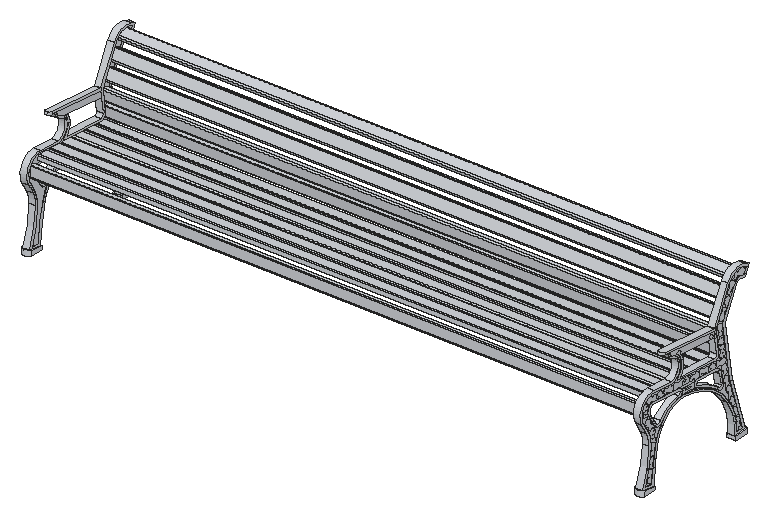
Revit family "Скамейка алюминиевая «Ретро стиль» с подогревом", category Мебель, Revit 2017
Family settings
  Номер OmniClass = 23.40.20.00
  Заголовок OmniClass = General Furniture and Specialties
  На основе рабочей плоскости = Нет
  Всегда вертикально = Да
  При загрузке вырезать с полостями = Нет
  Общий = Нет
  Точка расчета площади = Нет
Parameters (values of type "Скамейка алюминиевая «Ретро стиль» с подогревом 3,0м")
  Стоимость = 89850
  Изготовитель = "ООО \"Хоббика\""
  URL = "https://hobbyka.ru/product/skameyka_alyuminievaya_retro_stil_s_podogrevom/?sphrase_id=64316#close_popup_window"
  ADSK_Размер_Ширина сидения = 480 mm
  ADSK_Размер_Ширина = 650 mm
  ADSK_Размер_Длина = 3000 mm
  ADSK_Размер_Высота спинки = 350 mm
  ADSK_Размер_Высота сидения = 380 mm
  ADSK_Размер_Высота = 740 mm
  ADSK_Наименование = "Скамейка алюминиевая «Ретро стиль» с подогревом 3,0м"
  ADSK_Материал опоры = none
  ADSK_Материал доски = none
  ADSK_Код изделия = "9301"
Reference planes
  plane 1 "По центру (Вперед/Назад)": y = 0
  plane 2: z = 0
  plane 3 "По центру (Влево/Вправо)": x = 0
  plane 4: x = 1500
  plane 5: x = -1500
  plane 6: x = -1473
  plane 7: x = 1473
Forms (mm)
  Extrusion 1, solid, material <- "ADSK_Материал доски"
    sketch origin (0, 0, 0) x (0, 1, 0) y (0, 0, 1)
      loop
        line (-631.259, 334.534) -> (-627.485, 329.713) -> (-608.62, 329.713) -> (-608.62, 387.567) -> (-627.485, 387.567) -> (-631.259, 382.746) -> (-631.259, 334.534)
      loop
        line (-584.592, 388.935) -> (-526.753, 387.622) -> (-526.325, 406.483) -> (-531.059, 410.365) -> (-579.258, 411.459) -> (-584.164, 407.796) -> (-584.592, 388.935)
      loop
        line (-515.303, 387.102) -> (-457.529, 384.074) -> (-456.542, 402.914) -> (-461.159, 406.934) -> (-509.304, 409.457) -> (-514.316, 405.942) -> (-515.303, 387.102)
      loop
        line (-445.399, 383.438) -> (-387.625, 380.41) -> (-386.637, 399.25) -> (-391.255, 403.271) -> (-439.4, 405.794) -> (-444.412, 402.278) -> (-445.399, 383.438)
      loop
        line (-374.508, 398.615) -> (-375.495, 379.775) -> (-317.721, 376.747) -> (-316.733, 395.587) -> (-321.35, 399.607) -> (-369.496, 402.13) -> (-374.508, 398.615)
      loop
        line (-304.604, 394.951) -> (-305.591, 376.111) -> (-247.817, 373.083) -> (-246.829, 391.923) -> (-251.446, 395.943) -> (-299.592, 398.467) -> (-304.604, 394.951)
      loop
        line (-235.687, 372.447) -> (-177.913, 369.42) -> (-176.925, 388.26) -> (-181.542, 392.28) -> (-229.688, 394.803) -> (-234.7, 391.287) -> (-235.687, 372.447)
      loop
        line (-172.781, 393.951) -> (-154.057, 396.263) -> (-161.147, 453.681) -> (-179.871, 451.369) -> (-183.025, 446.122) -> (-177.116, 398.274) -> (-172.781, 393.951)
      loop
        line (-163.636, 471.736) -> (-170.726, 529.153) -> (-189.45, 526.841) -> (-192.604, 521.594) -> (-186.695, 473.746) -> (-182.359, 469.423) -> (-163.636, 471.736)
      loop
        line (-161.798, 547.072) -> (-137.201, 599.437) -> (-154.277, 607.458) -> (-159.742, 604.698) -> (-180.239, 561.061) -> (-178.873, 555.093) -> (-161.798, 547.072)
      loop
        line (-127.785, 619.482) -> (-103.189, 671.847) -> (-120.264, 679.868) -> (-125.729, 677.108) -> (-146.227, 633.471) -> (-144.861, 627.503) -> (-127.785, 619.482)
      loop
        line (-94.157, 693.118) -> (-39.927, 713.27) -> (-46.498, 730.954) -> (-52.331, 732.812) -> (-97.524, 716.019) -> (-100.729, 710.802) -> (-94.157, 693.118)
    from -1473 to 1473
Dimensions and locks
  equal spacing: plane 5, plane 3 "По центру (Влево/Вправо)", plane 4
  "ADSK_Размер_Длина": plane 5 to plane 4
  locked: plane 5 to plane 6 at 27
  locked: plane 7 to plane 4 at 27
  aligned and locked: level to plane 2
  aligned and locked: plane 5 to nested 1
  aligned and locked: plane 4 to nested 2
  aligned and locked: Extrusion 1 to plane 7
  aligned and locked: Extrusion 1 to plane 6
Automatic sketch dimensions
  plane 1 "По центру (Вперед/Назад)" to Extrusion 1 sketch curve = 631.259 mm
  level to Extrusion 1 sketch curve = 382.746 mm
  Extrusion 1 sketch curve to Extrusion 1 sketch curve = 3.773 mm  (x2)
  Extrusion 1 sketch curve to Extrusion 1 sketch curve = 48.212 mm
  Extrusion 1 sketch curve to Extrusion 1 sketch curve = 4.821 mm  (x2)
  Extrusion 1 sketch curve to Extrusion 1 sketch curve = 18.866 mm
  Extrusion 1 sketch curve to Extrusion 1 sketch curve = 24.456 mm
  Extrusion 1 sketch curve to Extrusion 1 sketch curve = 20.229 mm
  Extrusion 1 sketch curve to Extrusion 1 sketch curve = 0.428 mm
  Extrusion 1 sketch curve to Extrusion 1 sketch curve = 4.906 mm
  Extrusion 1 sketch curve to Extrusion 1 sketch curve = 18.861 mm
  Extrusion 1 sketch curve to Extrusion 1 sketch curve = 3.663 mm
  Extrusion 1 sketch curve to Extrusion 1 sketch curve = 48.199 mm
  Extrusion 1 sketch curve to Extrusion 1 sketch curve = 1.094 mm
  Extrusion 1 sketch curve to Extrusion 1 sketch curve = 4.306 mm
  Extrusion 1 sketch curve to Extrusion 1 sketch curve = 22.743 mm
  Extrusion 1 sketch curve to Extrusion 1 sketch curve = 4.734 mm
  Extrusion 1 sketch curve to Extrusion 1 sketch curve = 3.882 mm
  Extrusion 1 sketch curve to Extrusion 1 sketch curve = 12.009 mm
  Extrusion 1 sketch curve to Extrusion 1 sketch curve = 0.542 mm
  Extrusion 1 sketch curve to Extrusion 1 sketch curve = 11.449 mm
  Extrusion 1 sketch curve to Extrusion 1 sketch curve = 5.012 mm  (x5)
  Extrusion 1 sketch curve to Extrusion 1 sketch curve = 0.521 mm
  Extrusion 1 sketch curve to Extrusion 1 sketch curve = 3.516 mm  (x5)
  Extrusion 1 sketch curve to Extrusion 1 sketch curve = 48.145 mm  (x4)
  Extrusion 1 sketch curve to Extrusion 1 sketch curve = 2.523 mm  (x4)
  Extrusion 1 sketch curve to Extrusion 1 sketch curve = 3.63 mm  (x4)
  Extrusion 1 sketch curve to Extrusion 1 sketch curve = 22.86 mm  (x4)
  Extrusion 1 sketch curve to Extrusion 1 sketch curve = 4.617 mm  (x5)
  Extrusion 1 sketch curve to Extrusion 1 sketch curve = 4.02 mm  (x5)
  Extrusion 1 sketch curve to Extrusion 1 sketch curve = 12.13 mm  (x7)
  Extrusion 1 sketch curve to Extrusion 1 sketch curve = 0.636 mm  (x7)
  Extrusion 1 sketch curve to Extrusion 1 sketch curve = 17.142 mm
  Extrusion 1 sketch curve to Extrusion 1 sketch curve = 2.88 mm
  Extrusion 1 sketch curve to Extrusion 1 sketch curve = 51.775 mm
  Extrusion 1 sketch curve to Extrusion 1 sketch curve = 25.383 mm
  Extrusion 1 sketch curve to Extrusion 1 sketch curve = 0.987 mm
  Extrusion 1 sketch curve to Extrusion 1 sketch curve = 18.84 mm
  Extrusion 1 sketch curve to Extrusion 1 sketch curve = 4.426 mm
  Extrusion 1 sketch curve to Extrusion 1 sketch curve = 5.994 mm
  Extrusion 1 sketch curve to Extrusion 1 sketch curve = 5.909 mm  (x2)
  Extrusion 1 sketch curve to Extrusion 1 sketch curve = 4.336 mm  (x2)
  Extrusion 1 sketch curve to Extrusion 1 sketch curve = 4.322 mm  (x2)
  Extrusion 1 sketch curve to Extrusion 1 sketch curve = 47.848 mm  (x2)
  Extrusion 1 sketch curve to Extrusion 1 sketch curve = 18.724 mm
  Extrusion 1 sketch curve to Extrusion 1 sketch curve = 2.312 mm
  Extrusion 1 sketch curve to Extrusion 1 sketch curve = 21.877 mm  (x2)
  Extrusion 1 sketch curve to Extrusion 1 sketch curve = 7.559 mm  (x2)
  Extrusion 1 sketch curve to Extrusion 1 sketch curve = 3.154 mm  (x2)
  Extrusion 1 sketch curve to Extrusion 1 sketch curve = 5.247 mm  (x2)
  Extrusion 1 sketch curve to Extrusion 1 sketch curve = 2.489 mm  (x2)
  Extrusion 1 sketch curve to Extrusion 1 sketch curve = 18.055 mm  (x2)
  Extrusion 1 sketch curve to Extrusion 1 sketch curve = 8.147 mm
  Extrusion 1 sketch curve to Extrusion 1 sketch curve = 25.94 mm
  Extrusion 1 sketch curve to Extrusion 1 sketch curve = 1.365 mm  (x2)
  Extrusion 1 sketch curve to Extrusion 1 sketch curve = 17.076 mm  (x2)
  Extrusion 1 sketch curve to Extrusion 1 sketch curve = 8.021 mm  (x2)
  Extrusion 1 sketch curve to Extrusion 1 sketch curve = 5.968 mm  (x2)
  Extrusion 1 sketch curve to Extrusion 1 sketch curve = 20.497 mm  (x2)
  Extrusion 1 sketch curve to Extrusion 1 sketch curve = 43.637 mm  (x2)
  Extrusion 1 sketch curve to Extrusion 1 sketch curve = 22.541 mm  (x2)
  Extrusion 1 sketch curve to Extrusion 1 sketch curve = 5.261 mm  (x2)
  Extrusion 1 sketch curve to Extrusion 1 sketch curve = 5.465 mm  (x2)
  Extrusion 1 sketch curve to Extrusion 1 sketch curve = 2.76 mm  (x2)
  Extrusion 1 sketch curve to Extrusion 1 sketch curve = 9.416 mm
  Extrusion 1 sketch curve to Extrusion 1 sketch curve = 20.045 mm
  Extrusion 1 sketch curve to Extrusion 1 sketch curve = 19.536 mm
  Extrusion 1 sketch curve to Extrusion 1 sketch curve = 30.935 mm
  Extrusion 1 sketch curve to Extrusion 1 sketch curve = 3.205 mm
  Extrusion 1 sketch curve to Extrusion 1 sketch curve = 6.571 mm
  Extrusion 1 sketch curve to Extrusion 1 sketch curve = 17.684 mm
  Extrusion 1 sketch curve to Extrusion 1 sketch curve = 5.216 mm
  Extrusion 1 sketch curve to Extrusion 1 sketch curve = 45.192 mm
  Extrusion 1 sketch curve to Extrusion 1 sketch curve = 16.793 mm
  Extrusion 1 sketch curve to Extrusion 1 sketch curve = 12.405 mm
  Extrusion 1 sketch curve to Extrusion 1 sketch curve = 19.542 mm
  Extrusion 1 sketch curve to Extrusion 1 sketch curve = 5.833 mm
  Extrusion 1 sketch curve to Extrusion 1 sketch curve = 1.858 mm
Nested families
  nested 1: "Опора" at (-1500, -222.675, 0), Материал <- "ADSK_Материал опоры", type "Опора"
    with Материал none
  nested 2: "Опора" at (1500, -222.675, 0) x (-1, 0, 0) z (0, 0, 1), Материал <- "ADSK_Материал опоры", type "Опора"
    with Материал none
Definition of nested family "Опора"
  Parameters (values of type "Опора")
    Материал [instance] = none
  Reference planes
    plane 1 "По центру (Вперед/Назад)": y = 0
    plane 2: z = 0
    plane 3 "По центру (Влево/Вправо)": x = 0
    plane 4 "1": through (0, -265.499, 551.299) normal (0, -0.093, -0.9957)
  Forms (mm)
    Extrusion 1, solid, material <- "Материал"
      sketch origin (0, 0, 0) x (0, 1, 0) y (0, 0, 1)
        loop
          line (-414.876, 22.967) -> (-351.312, 16)
          arc (-351.312, 16) -> (-343.288, 109.903) -> (-323.264, 201.997) r 731.874
          arc (-323.264, 201.997) -> (-264.401, 287.034) -> (-166.064, 319.062) r 161.836
          arc (-166.064, 319.062) -> (-19.437, 282.321) -> (94.621, 183.123) r 324.388
          arc (94.621, 183.123) -> (132.276, 103.627) -> (139.96, 16) r 249.161
          line (139.96, 16) -> (202.402, 22.844)
          arc (202.402, 22.844) -> (120.139, 273.004) -> (78.692, 533.061) r 1651.125
          line (78.692, 533.061) -> (148.595, 669.132)
          arc (148.595, 669.132) -> (165.139, 683.697) -> (187.172, 683.068) r 30.076
          line (187.172, 683.068) -> (199.423, 678.718) -> (222.675, 729.234) -> (205.727, 735.321)
          arc (205.727, 735.321) -> (145.281, 736.172) -> (100.077, 696.034) r 83.565
          line (100.077, 696.034) -> (18.723, 534.606) -> (19.734, 524.657) -> (-265.499, 551.299) -> (-246.717, 521.254)
          arc (-246.717, 521.254) -> (-198.582, 472.873) -> (-240.638, 419.124) r 51.551
          line (-240.638, 419.124) -> (-347.739, 425.825)
          arc (-347.739, 425.825) -> (-419.352, 388.577) -> (-419.913, 307.858) r 78.226
          line (-419.913, 307.858) -> (-391.041, 259.16)
          arc (-391.041, 259.16) -> (-380.145, 230.378) -> (-376.679, 199.798) r 123.904
          arc (-376.679, 199.798) -> (-386.745, 109.431) -> (-414.876, 22.967) r 447.331
        loop
          line (22.79, 490.5) -> (-182.719, 509.695)
          arc (-182.719, 509.695) -> (-172.394, 461.498) -> (-191.466, 416.047) r 82.287
          line (-191.466, 416.047) -> (20.43, 402.788)
          arc (20.43, 402.788) -> (30.669, 407.642) -> (32.001, 418.894) r 11.707
          line (32.001, 418.894) -> (22.79, 490.5)
        loop
          line (-198.361, 361.199) -> (-348.695, 370.605)
          arc (-348.695, 370.605) -> (-371.008, 359) -> (-371.183, 333.85) r 24.374
          line (-371.183, 333.85) -> (-338.031, 277.931)
          arc (-338.031, 277.931) -> (-322.548, 269.111) -> (-307.065, 277.931) r 18
          arc (-307.065, 277.931) -> (-256.623, 316.916) -> (-196.816, 338.99) r 210.248
          arc (-196.816, 338.99) -> (-187.86, 350.771) -> (-198.361, 361.199) r 11.229
        loop
          line (27.876, 347.043) -> (-83.685, 354.023)
          arc (-83.685, 354.023) -> (-94.381, 343.215) -> (-85.116, 331.158) r 11.561
          arc (-85.116, 331.158) -> (-13.922, 304.459) -> (49.884, 263.103) r 352.242
          arc (49.884, 263.103) -> (58.282, 263.697) -> (61.123, 271.621) r 7.705
          arc (61.123, 271.621) -> (54.737, 299.235) -> (48.705, 326.929) r 2211.03
          arc (48.705, 326.929) -> (41.444, 340.252) -> (27.876, 347.043) r 25.352
      from 0 to 32
    Extrusion 2, void
      sketch origin (0, 0, 0) x (0, 1, 0) y (0, 0, 1)
        loop
          line (194.923, 688.075) -> (211.351, 723.765)
          arc (211.351, 723.765) -> (152.618, 730.203) -> (107.206, 692.405) r 75.565
          line (107.206, 692.405) -> (25.691, 530.655) -> (39.82, 420.814)
          arc (39.82, 420.814) -> (36.816, 402.502) -> (19.931, 394.804) r 19.707
          line (19.931, 394.804) -> (-203.744, 408.8) -> (-205.324, 413.316)
          arc (-205.324, 413.316) -> (-180.655, 459.589) -> (-192.694, 510.627) r 74.287
          line (-192.694, 510.627) -> (23.211, 490.461) -> (19.734, 524.657) -> (-255.479, 550.363) -> (-242.01, 528.817)
          arc (-242.01, 528.817) -> (-190.498, 470.732) -> (-240.187, 411.08) r 59.551
          line (-240.187, 411.08) -> (-348.238, 417.841)
          arc (-348.238, 417.841) -> (-412.528, 384.402) -> (-413.032, 311.938) r 70.226
          line (-413.032, 311.938) -> (-384.062, 263.075)
          arc (-384.062, 263.075) -> (-372.394, 232.36) -> (-368.68, 199.715) r 131.904
          arc (-368.68, 199.715) -> (-377.808, 113.067) -> (-403.274, 29.744) r 455.331
          line (-403.274, 29.744) -> (-359.077, 24.899)
          arc (-359.077, 24.899) -> (-350.534, 115.417) -> (-330.954, 204.203) r 739.874
          arc (-330.954, 204.203) -> (-269.182, 293.448) -> (-165.981, 327.062) r 169.836
          arc (-165.981, 327.062) -> (-15.738, 289.414) -> (101.133, 187.77) r 332.388
          arc (101.133, 187.77) -> (138.677, 110.41) -> (148.619, 24.997) r 257.161
          line (148.619, 24.997) -> (190.913, 29.633)
          arc (190.913, 29.633) -> (110.847, 277.429) -> (70.541, 534.701) r 1659.125
          line (70.541, 534.701) -> (141.478, 672.785)
          arc (141.478, 672.785) -> (164.885, 692.017) -> (194.923, 688.075) r 38.076
        loop
          arc (56.542, 328.535) -> (46.83, 346.171) -> (28.738, 355.004) r 33.352
          line (28.738, 355.004) -> (-83.656, 362.037)
          arc (-83.656, 362.037) -> (-102.334, 344.14) -> (-86.924, 323.363) r 19.561
          arc (-86.924, 323.363) -> (-17.184, 297.145) -> (45.28, 256.535) r 344.242
          arc (45.28, 256.535) -> (62.779, 257.074) -> (68.906, 273.474) r 15.705
          arc (68.906, 273.474) -> (62.548, 300.965) -> (56.542, 328.535) r 2203.03
        loop
          arc (-348.196, 378.59) -> (-377.832, 363.175) -> (-378.065, 329.77) r 32.374
          line (-378.065, 329.77) -> (-344.912, 273.851)
          arc (-344.912, 273.851) -> (-323.046, 261.116) -> (-300.708, 273.004) r 26
          arc (-300.708, 273.004) -> (-252.391, 310.114) -> (-195.216, 331.152) r 202.248
          arc (-195.216, 331.152) -> (-179.879, 351.326) -> (-197.861, 369.183) r 19.229
          line (-197.861, 369.183) -> (-348.196, 378.59)
        loop
          arc (-110.524, 355.781) -> (-140.038, 356.222) -> (-169.454, 358.66) r 435.625
          line (-169.454, 358.66) -> (-173.995, 358.882) -> (-174.127, 354.635)
          arc (-174.127, 354.635) -> (-169.331, 347.983) -> (-174.53, 341.641) r 6.725
          line (-174.53, 341.641) -> (-174.686, 336.624) -> (-169.454, 336.282)
          arc (-169.454, 336.282) -> (-140.904, 336.42) -> (-112.616, 332.566) r 203.772
          line (-112.616, 332.566) -> (-105.839, 332.123) -> (-105.622, 337.234)
          arc (-105.622, 337.234) -> (-110.321, 344.44) -> (-105.028, 351.222) r 7.4
          line (-105.028, 351.222) -> (-104.846, 355.504) -> (-110.524, 355.781)
        loop
          arc (-114.986, 349.722) -> (-139.562, 350.193) -> (-164.067, 352.119) r 415.053
          arc (-164.067, 352.119) -> (-163.397, 347.295) -> (-164.654, 342.589) r 12.284
          arc (-164.654, 342.589) -> (-139.954, 342.359) -> (-115.435, 339.372) r 220.861
          arc (-115.435, 339.372) -> (-116.243, 344.592) -> (-114.986, 349.722) r 13.499
      from -30.599 to 5
    Extrusion 3, void
      sketch origin (32, 0, 0) x (0, 1, 0) y (0, 0, -1)
        loop
          arc (194.923, -688.075) -> (164.885, -692.017) -> (141.478, -672.785) r 38.076
          line (141.478, -672.785) -> (70.541, -534.701)
          arc (70.541, -534.701) -> (110.847, -277.429) -> (190.913, -29.633) r 1659.125
          line (190.913, -29.633) -> (148.619, -24.997)
          arc (148.619, -24.997) -> (138.677, -110.41) -> (101.133, -187.77) r 257.161
          arc (101.133, -187.77) -> (-15.738, -289.414) -> (-165.981, -327.062) r 332.388
          arc (-165.981, -327.062) -> (-269.182, -293.448) -> (-330.954, -204.203) r 169.836
          arc (-330.954, -204.203) -> (-350.534, -115.417) -> (-359.077, -24.899) r 739.874
          line (-359.077, -24.899) -> (-403.274, -29.744)
          arc (-403.274, -29.744) -> (-377.808, -113.067) -> (-368.68, -199.715) r 455.331
          arc (-368.68, -199.715) -> (-372.394, -232.36) -> (-384.062, -263.075) r 131.904
          line (-384.062, -263.075) -> (-413.032, -311.938)
          arc (-413.032, -311.938) -> (-412.528, -384.402) -> (-348.238, -417.841) r 70.226
          line (-348.238, -417.841) -> (-240.187, -411.08)
          arc (-240.187, -411.08) -> (-190.498, -470.732) -> (-242.01, -528.817) r 59.551
          line (-242.01, -528.817) -> (-255.479, -550.363) -> (19.734, -524.657) -> (23.211, -490.461) -> (-192.694, -510.627)
          arc (-192.694, -510.627) -> (-180.655, -459.589) -> (-205.324, -413.316) r 74.287
          line (-205.324, -413.316) -> (-203.744, -408.8) -> (19.931, -394.804)
          arc (19.931, -394.804) -> (36.816, -402.502) -> (39.82, -420.814) r 19.707
          line (39.82, -420.814) -> (25.691, -530.655) -> (107.206, -692.405)
          arc (107.206, -692.405) -> (152.618, -730.203) -> (211.351, -723.765) r 75.565
          line (211.351, -723.765) -> (194.923, -688.075)
        loop
          arc (56.542, -328.535) -> (62.548, -300.965) -> (68.906, -273.474) r 2203.03
          arc (68.906, -273.474) -> (62.779, -257.074) -> (45.28, -256.535) r 15.705
          arc (45.28, -256.535) -> (-17.184, -297.145) -> (-86.924, -323.363) r 344.242
          arc (-86.924, -323.363) -> (-102.334, -344.14) -> (-83.656, -362.037) r 19.561
          line (-83.656, -362.037) -> (28.738, -355.004)
          arc (28.738, -355.004) -> (46.83, -346.171) -> (56.542, -328.535) r 33.352
        loop
          line (-348.196, -378.59) -> (-197.861, -369.183)
          arc (-197.861, -369.183) -> (-179.879, -351.326) -> (-195.216, -331.152) r 19.229
          arc (-195.216, -331.152) -> (-252.391, -310.114) -> (-300.708, -273.004) r 202.248
          arc (-300.708, -273.004) -> (-323.046, -261.116) -> (-344.912, -273.851) r 26
          line (-344.912, -273.851) -> (-378.065, -329.77)
          arc (-378.065, -329.77) -> (-377.832, -363.175) -> (-348.196, -378.59) r 32.374
        loop
          line (-110.524, -355.781) -> (-104.846, -355.504) -> (-105.028, -351.222)
          arc (-105.028, -351.222) -> (-110.321, -344.44) -> (-105.622, -337.234) r 7.4
          line (-105.622, -337.234) -> (-105.839, -332.123) -> (-112.616, -332.566)
          arc (-112.616, -332.566) -> (-140.904, -336.42) -> (-169.454, -336.282) r 203.772
          line (-169.454, -336.282) -> (-174.686, -336.624) -> (-174.53, -341.641)
          arc (-174.53, -341.641) -> (-169.331, -347.983) -> (-174.127, -354.635) r 6.725
          line (-174.127, -354.635) -> (-173.995, -358.882) -> (-169.454, -358.66)
          arc (-169.454, -358.66) -> (-140.038, -356.222) -> (-110.524, -355.781) r 435.625
        loop
          arc (-114.986, -349.722) -> (-116.243, -344.592) -> (-115.435, -339.372) r 13.499
          arc (-115.435, -339.372) -> (-139.954, -342.359) -> (-164.654, -342.589) r 220.861
          arc (-164.654, -342.589) -> (-163.397, -347.295) -> (-164.067, -352.119) r 12.284
          arc (-164.067, -352.119) -> (-139.562, -350.193) -> (-114.986, -349.722) r 415.053
      from -30.599 to 5
    Extrusion 4, solid, material <- "Материал"
      sketch origin (0, 48.752, 521.947) x (0, -0.995666, 0.092999) y (-1, 0, 0)
        loop
          line (31.076, -32) -> (329.844, -32)
          arc (329.844, -32) -> (345.844, -16) -> (329.844, 0) r 16
          line (329.844, 0) -> (31.076, 0) -> (31.076, -32)
      from 0 to -9.812
    Extrusion 5, solid, material <- "Материал"
      sketch origin (0, 0, 0) x (1, 0, 0) y (0, 1, 0)
        loop
          arc (40, 202.402) -> (16, 214.402) -> (-8, 202.402) r 30
          line (-8, 202.402) -> (-8, 139.96) -> (40, 139.96) -> (40, 202.402)
        loop
          line (40, -413.754) -> (40, -351.312) -> (-8, -351.312) -> (-8, -413.754)
          arc (-8, -413.754) -> (16, -425.754) -> (40, -413.754) r 30
      from 0 to 70.557
    Extrusion 6, void
      sketch origin (0, 0, 0) x (0, 1, 0) y (0, 0, 1)
        loop
          line (-443.576, 26.113) -> (-351.312, 16) -> (139.96, 16) -> (251.424, 28.218) -> (251.424, 91.113) -> (-443.576, 91.113) -> (-443.576, 26.113)
      from -53.662 to 79.531
    Extrusion 7, solid, material <- "Материал"
      sketch origin (0, 0, 0) x (0, 1, 0) y (0, 0, 1)
        loop
          spline (194.682, 697.503) -> (196.421, 699.184) -> (197.903, 701.075) -> (199.1, 703.142) -> (199.989, 705.346) -> (200.555, 707.645) -> (200.786, 709.997) -> (200.678, 712.358) -> (200.234, 714.684) -> (199.461, 716.931) -> (198.374, 719.058) -> (196.993, 721.025) -> (195.344, 722.794)
          spline (195.344, 722.794) -> (193.958, 723.964) -> (192.451, 724.99) -> (190.841, 725.861) -> (189.145, 726.569) -> (187.381, 727.105) -> (185.569, 727.463) -> (183.728, 727.64) -> (181.878, 727.634) -> (180.04, 727.444) -> (178.232, 727.074) -> (176.476, 726.526) -> (174.789, 725.807)
          spline (174.789, 725.807) -> (173.119, 724.966) -> (171.473, 724.084) -> (169.852, 723.161) -> (168.257, 722.199) -> (166.69, 721.196) -> (165.15, 720.155) -> (163.639, 719.076) -> (162.159, 717.959) -> (160.71, 716.806) -> (159.294, 715.617) -> (157.91, 714.393) -> (156.561, 713.135)
          spline (156.561, 713.135) -> (156.723, 714.218) -> (156.751, 715.312) -> (156.646, 716.402) -> (156.409, 717.474) -> (156.043, 718.512) -> (155.553, 719.503) -> (154.946, 720.434) -> (154.229, 721.291) -> (153.414, 722.064) -> (152.51, 722.742) -> (151.53, 723.316) -> (150.486, 723.777)
          spline (150.486, 723.777) -> (149.1, 724.261) -> (147.637, 724.441) -> (146.169, 724.308) -> (144.769, 723.868) -> (143.507, 723.143) -> (142.446, 722.169) -> (141.638, 720.995) -> (141.124, 719.68) -> (140.929, 718.287) -> (141.064, 716.888) -> (141.52, 715.551) -> (142.276, 714.342)
          spline (142.276, 714.342) -> (143.141, 714.116) -> (144.031, 714.019) -> (144.926, 714.054) -> (145.805, 714.22) -> (146.646, 714.513) -> (147.429, 714.925) -> (148.136, 715.448) -> (148.75, 716.069) -> (149.256, 716.772) -> (149.642, 717.541) -> (149.899, 718.358) -> (150.021, 719.203)
          spline (150.021, 719.203) -> (150.871, 718.503) -> (151.617, 717.702) -> (152.244, 716.813) -> (152.741, 715.853) -> (153.1, 714.839) -> (153.314, 713.788) -> (153.379, 712.72) -> (153.294, 711.654) -> (153.061, 710.609) -> (152.683, 709.603) -> (152.168, 708.653) -> (151.525, 707.778)
          spline (151.525, 707.778) -> (151.225, 709.19) -> (150.552, 710.481) -> (149.551, 711.563) -> (148.291, 712.362) -> (146.858, 712.823) -> (145.349, 712.916) -> (143.868, 712.634) -> (142.514, 711.996) -> (141.381, 711.046) -> (140.545, 709.848) -> (140.064, 708.484) -> (139.971, 707.047)
          spline (139.971, 707.047) -> (140.353, 707.241) -> (140.775, 707.339) -> (141.209, 707.333) -> (141.628, 707.225) -> (142.005, 707.021) -> (142.318, 706.734) -> (142.547, 706.382) -> (142.677, 705.988) -> (142.699, 705.575) -> (142.614, 705.17) -> (142.425, 704.798) -> (142.145, 704.483)
          spline (142.145, 704.483) -> (140.928, 703.564) -> (139.671, 702.693) -> (138.378, 701.872) -> (137.05, 701.104) -> (135.689, 700.388) -> (134.298, 699.727) -> (132.88, 699.122) -> (131.436, 698.573) -> (129.97, 698.081) -> (128.483, 697.648) -> (126.979, 697.274) -> (125.459, 696.96)
          line (125.459, 696.96) -> (125.214, 695.909)
          spline (125.214, 695.909) -> (128.378, 695.412) -> (131.574, 695.161) -> (134.78, 695.16) -> (137.974, 695.408) -> (141.136, 695.903) -> (144.245, 696.642) -> (147.279, 697.62) -> (150.218, 698.831) -> (153.044, 700.267) -> (155.736, 701.918) -> (158.278, 703.773) -> (160.652, 705.819)
          spline (160.652, 705.819) -> (161.071, 705.991) -> (161.524, 706.046) -> (161.975, 705.981) -> (162.391, 705.8) -> (162.739, 705.518) -> (162.992, 705.155) -> (163.131, 704.741) -> (163.146, 704.306) -> (163.034, 703.884) -> (162.805, 703.509) -> (162.477, 703.207) -> (162.074, 703.004)
          spline (162.074, 703.004) -> (163.214, 702.213) -> (164.548, 701.776) -> (165.957, 701.732) -> (167.315, 702.085) -> (168.504, 702.803) -> (169.417, 703.823) -> (169.974, 705.054) -> (170.125, 706.388) -> (169.858, 707.706) -> (169.195, 708.892) -> (168.195, 709.841) -> (166.948, 710.468)
          spline (166.948, 710.468) -> (166.144, 710.854) -> (165.471, 711.423) -> (164.974, 712.137) -> (164.686, 712.949) -> (164.627, 713.803) -> (164.801, 714.642) -> (165.195, 715.411) -> (165.784, 716.056) -> (166.527, 716.535) -> (167.376, 716.815) -> (168.272, 716.878) -> (169.156, 716.719)
          spline (169.156, 716.719) -> (169.689, 716.503) -> (170.176, 716.202) -> (170.601, 715.826) -> (170.952, 715.386) -> (171.218, 714.896) -> (171.392, 714.369) -> (171.468, 713.822) -> (171.444, 713.27) -> (171.32, 712.732) -> (171.101, 712.221) -> (170.793, 711.755) -> (170.405, 711.346)
          line (170.405, 711.346) -> (171.35, 710.712)
          spline (171.35, 710.712) -> (172.512, 710.893) -> (173.62, 711.27) -> (174.638, 711.83) -> (175.535, 712.555) -> (176.28, 713.421) -> (176.849, 714.401) -> (177.225, 715.463) -> (177.395, 716.572) -> (177.354, 717.693) -> (177.102, 718.789) -> (176.648, 719.825) -> (176.007, 720.767)
          spline (176.007, 720.767) -> (175.803, 721.078) -> (175.672, 721.423) -> (175.621, 721.786) -> (175.652, 722.151) -> (175.763, 722.502) -> (175.949, 722.822) -> (176.202, 723.097) -> (176.511, 723.315) -> (176.861, 723.466) -> (177.237, 723.542) -> (177.622, 723.542) -> (177.998, 723.463)
          spline (177.998, 723.463) -> (178.557, 723.264) -> (179.099, 723.026) -> (179.622, 722.751) -> (180.122, 722.441) -> (180.597, 722.096) -> (181.045, 721.72) -> (181.462, 721.313) -> (181.847, 720.878) -> (182.198, 720.418) -> (182.512, 719.934) -> (182.788, 719.43) -> (183.025, 718.908)
          spline (183.025, 718.908) -> (183.513, 717.946) -> (184.153, 717.068) -> (184.929, 716.297) -> (185.823, 715.65) -> (186.811, 715.145) -> (187.87, 714.793) -> (188.974, 714.603) -> (190.094, 714.58) -> (191.204, 714.725) -> (192.276, 715.034) -> (193.284, 715.499) -> (194.202, 716.109)
          spline (194.202, 716.109) -> (195.316, 714.781) -> (196.114, 713.262) -> (196.563, 711.619) -> (196.641, 709.923) -> (196.346, 708.25) -> (195.691, 706.674) -> (194.704, 705.263) -> (193.429, 704.081) -> (191.923, 703.179) -> (190.251, 702.597) -> (188.487, 702.36) -> (186.709, 702.48)
          spline (186.709, 702.48) -> (185.742, 702.82) -> (184.961, 703.462) -> (184.465, 704.324) -> (184.316, 705.295) -> (184.534, 706.254) -> (185.092, 707.078) -> (185.918, 707.663) -> (186.907, 707.935) -> (187.934, 707.859) -> (188.87, 707.445) -> (189.594, 706.745) -> (190.016, 705.849)
          spline (190.016, 705.849) -> (190.199, 707.215) -> (190.107, 708.59) -> (189.744, 709.924) -> (189.124, 711.17) -> (188.268, 712.283) -> (187.208, 713.223) -> (185.981, 713.955) -> (184.632, 714.454) -> (183.208, 714.702) -> (181.762, 714.69) -> (180.345, 714.417) -> (179.008, 713.895)
          spline (179.008, 713.895) -> (177.813, 713.192) -> (176.732, 712.338) -> (175.785, 711.351) -> (174.99, 710.247) -> (174.363, 709.05) -> (173.916, 707.782) -> (173.657, 706.466) -> (173.59, 705.128) -> (173.718, 703.794) -> (174.038, 702.489) -> (174.544, 701.238) -> (175.226, 700.065)
          spline (175.226, 700.065) -> (176.345, 698.652) -> (177.663, 697.406) -> (179.155, 696.352) -> (180.789, 695.511) -> (182.532, 694.9) -> (184.348, 694.533) -> (186.2, 694.417) -> (188.049, 694.554) -> (189.859, 694.942) -> (191.59, 695.572) -> (193.209, 696.431) -> (194.682, 697.503)
        loop
          arc (139.226, 683.475) -> (131.489, 693.342) -> (118.994, 694.414) r 15.725
          arc (118.994, 694.414) -> (111.392, 688.786) -> (108.522, 679.774) r 15.376
          arc (108.522, 679.774) -> (109.335, 669.996) -> (111.667, 660.465) r 62.537
          arc (111.667, 660.465) -> (106.113, 662.312) -> (100.671, 660.159) r 8.563
          arc (100.671, 660.159) -> (98.832, 653.284) -> (105.107, 649.925) r 5.728
          arc (105.107, 649.925) -> (106.648, 654.148) -> (104.195, 657.914) r 5.025
          arc (104.195, 657.914) -> (109.869, 658.225) -> (114.039, 654.366) r 7.282
          arc (114.039, 654.366) -> (107.463, 651.712) -> (110.117, 645.137) r 5.014
          arc (110.117, 645.137) -> (111.288, 646.822) -> (113.043, 645.759) r 1.499
          arc (113.043, 645.759) -> (113.831, 637.736) -> (112.619, 629.765) r 32.5
          line (112.619, 629.765) -> (113.375, 629.143)
          arc (113.375, 629.143) -> (120.217, 644.149) -> (119.192, 660.61) r 34
          arc (119.192, 660.61) -> (120.645, 662.144) -> (122.029, 660.548) r 1.425
          arc (122.029, 660.548) -> (124.234, 666.559) -> (117.886, 667.391) r 4.1
          arc (117.886, 667.391) -> (113.665, 667.453) -> (113.684, 671.674) r 3
          arc (113.684, 671.674) -> (116.462, 672.433) -> (118.525, 670.424) r 2.901
          line (118.525, 670.424) -> (119.408, 670.893)
          arc (119.408, 670.893) -> (118.568, 676.663) -> (113.081, 678.637) r 5.667
          arc (113.081, 678.637) -> (111.394, 679.44) -> (111.675, 681.287) r 1.567
          arc (111.675, 681.287) -> (114.278, 682.922) -> (117.329, 683.293) r 7.045
          arc (117.329, 683.293) -> (122.557, 685.34) -> (123.965, 690.775) r 6.173
          arc (123.965, 690.775) -> (132.19, 688.035) -> (132.079, 679.366) r 7.347
          arc (132.079, 679.366) -> (127.722, 680.012) -> (130.642, 683.311) r 2.505
          arc (130.642, 683.311) -> (123.57, 684.181) -> (119.821, 678.122) r 6.606
          arc (119.821, 678.122) -> (122.785, 671.667) -> (129.548, 669.498) r 8.808
          arc (129.548, 669.498) -> (137.594, 674.266) -> (139.226, 683.475) r 11.211
        loop
          line (107.122, 616.027) -> (113.092, 627.069) -> (111.757, 628.358)
          arc (111.757, 628.358) -> (110.335, 632.653) -> (111.757, 636.948) r 7.195
          arc (111.757, 636.948) -> (110.649, 640.523) -> (106.937, 640.04) r 2.906
          arc (106.937, 640.04) -> (103.259, 632.058) -> (106.406, 623.851) r 11.314
          line (106.406, 623.851) -> (103.449, 625.748)
          arc (103.449, 625.748) -> (102.371, 631.12) -> (99.255, 635.627) r 13.557
          arc (99.255, 635.627) -> (95.882, 635.877) -> (94.712, 639.051) r 3.125
          arc (94.712, 639.051) -> (92.137, 637.29) -> (91.154, 634.329) r 4.884
          arc (91.154, 634.329) -> (92.22, 632.589) -> (92.851, 630.65) r 8.695
          arc (92.851, 630.65) -> (93.723, 631.044) -> (94.612, 631.397) r 20.344
          arc (94.612, 631.397) -> (96.322, 628.768) -> (96.156, 625.636) r 5.065
          line (96.156, 625.636) -> (92.634, 627.54)
          arc (92.634, 627.54) -> (90.781, 631.498) -> (87.457, 634.334) r 10.327
          line (87.457, 634.334) -> (86.227, 634.169)
          arc (86.227, 634.169) -> (87.552, 632.424) -> (87.051, 630.291) r 2.571
          line (87.051, 630.291) -> (83.997, 632.624) -> (83.901, 630.819) -> (82.641, 632.22) -> (76.768, 632.439) -> (80.167, 627.645) -> (82.029, 627.358) -> (80.571, 626.289) -> (84.196, 625.01)
          arc (84.196, 625.01) -> (82.686, 623.423) -> (80.5, 623.577) r 2.571
          line (80.5, 623.577) -> (81.035, 622.457)
          arc (81.035, 622.457) -> (85.229, 621.229) -> (89.555, 621.845) r 10.327
          line (89.555, 621.845) -> (93.077, 619.941)
          arc (93.077, 619.941) -> (90.547, 618.087) -> (87.411, 618.078) r 5.065
          arc (87.411, 618.078) -> (87.219, 619.016) -> (87.072, 619.961) r 20.344
          arc (87.072, 619.961) -> (85.103, 619.427) -> (83.064, 619.367) r 8.695
          arc (83.064, 619.367) -> (81.125, 616.923) -> (81.061, 613.804) r 4.884
          arc (81.061, 613.804) -> (84.357, 614.562) -> (86.414, 611.877) r 3.125
          arc (86.414, 611.877) -> (91.891, 611.737) -> (96.976, 613.777) r 13.557
          line (96.976, 613.777) -> (100.183, 612.341)
          arc (100.183, 612.341) -> (91.593, 610.481) -> (86.927, 603.033) r 11.314
          arc (86.927, 603.033) -> (88.555, 599.662) -> (92.154, 600.692) r 2.906
          arc (92.154, 600.692) -> (94.969, 604.234) -> (99.341, 605.396) r 7.195
          line (99.341, 605.396) -> (101.151, 604.984) -> (107.122, 616.027)
        loop
          arc (68.287, 551.572) -> (75.099, 557.98) -> (74.683, 567.323) r 11.211
          arc (74.683, 567.323) -> (69.164, 571.795) -> (62.14, 570.74) r 8.808
          arc (62.14, 570.74) -> (59.123, 564.286) -> (63.723, 558.845) r 6.606
          arc (63.723, 558.845) -> (64.884, 563.094) -> (67.811, 559.802) r 2.505
          arc (67.811, 559.802) -> (60.618, 554.962) -> (53.821, 560.345) r 7.347
          arc (53.821, 560.345) -> (57.598, 564.499) -> (56.448, 569.994) r 6.173
          arc (56.448, 569.994) -> (55.088, 572.751) -> (55.031, 575.824) r 7.045
          arc (55.031, 575.824) -> (56.423, 577.071) -> (58.019, 576.098) r 1.567
          arc (58.019, 576.098) -> (62.617, 572.594) -> (67.896, 574.948) r 5.667
          line (67.896, 574.948) -> (67.798, 576.018)
          arc (67.798, 576.018) -> (65.033, 576.692) -> (64.175, 579.406) r 2.901
          arc (64.175, 579.406) -> (67.696, 581.734) -> (70.059, 578.236) r 3
          arc (70.059, 578.236) -> (74.232, 573.379) -> (78.054, 578.516) r 4.1
          arc (78.054, 578.516) -> (75.961, 578.8) -> (76.45, 580.856) r 1.425
          arc (76.45, 580.856) -> (90.784, 589.012) -> (99.594, 602.954) r 34
          line (99.594, 602.954) -> (98.66, 603.245)
          arc (98.66, 603.245) -> (92.654, 597.867) -> (85.509, 594.132) r 32.5
          arc (85.509, 594.132) -> (83.659, 595.02) -> (84.427, 596.922) r 1.499
          arc (84.427, 596.922) -> (77.472, 595.542) -> (78.852, 588.587) r 5.014
          arc (78.852, 588.587) -> (73.339, 589.963) -> (70.493, 594.881) r 7.282
          arc (70.493, 594.881) -> (74.988, 594.891) -> (77.677, 598.492) r 5.025
          arc (77.677, 598.492) -> (71.431, 601.904) -> (66.685, 596.6) r 5.728
          arc (66.685, 596.6) -> (67.864, 590.868) -> (72.45, 587.232) r 8.563
          arc (72.45, 587.232) -> (63.198, 583.965) -> (54.571, 579.29) r 62.537
          arc (54.571, 579.29) -> (48.601, 571.954) -> (48.055, 562.511) r 15.376
          arc (48.055, 562.511) -> (55.793, 552.643) -> (68.287, 551.572) r 15.725
        loop
          arc (37.329, 535.851) -> (35.52, 526.675) -> (41.298, 519.321) r 11.211
          arc (41.298, 519.321) -> (48.388, 518.897) -> (53.485, 523.844) r 8.808
          arc (53.485, 523.844) -> (52.181, 530.848) -> (45.273, 532.594) r 6.606
          arc (45.273, 532.594) -> (46.803, 528.463) -> (42.507, 529.436) r 2.505
          arc (42.507, 529.436) -> (45.538, 537.559) -> (54.198, 537.138) r 7.347
          arc (54.198, 537.138) -> (53.545, 531.562) -> (57.679, 527.764) r 6.173
          arc (57.679, 527.764) -> (60.389, 526.314) -> (62.225, 523.848) r 7.045
          arc (62.225, 523.848) -> (61.819, 522.024) -> (59.955, 521.886) r 1.567
          arc (59.955, 521.886) -> (54.126, 522.03) -> (51.256, 516.955) r 5.667
          line (51.256, 516.955) -> (51.91, 516.198)
          arc (51.91, 516.198) -> (54.56, 517.325) -> (56.876, 515.613) r 2.901
          arc (56.876, 515.613) -> (55.367, 511.67) -> (51.409, 513.139) r 3
          arc (51.409, 513.139) -> (45.189, 514.659) -> (45.072, 508.257) r 4.1
          arc (45.072, 508.257) -> (46.939, 509.245) -> (47.738, 507.289) r 1.425
          arc (47.738, 507.289) -> (40.831, 492.313) -> (41.783, 475.848) r 34
          line (41.783, 475.848) -> (42.713, 476.155)
          arc (42.713, 476.155) -> (44.465, 484.024) -> (48.101, 491.22) r 32.5
          arc (48.101, 491.22) -> (50.122, 491.575) -> (50.605, 489.581) r 1.499
          arc (50.605, 489.581) -> (55.456, 494.752) -> (50.285, 499.604) r 5.014
          arc (50.285, 499.604) -> (55.569, 501.694) -> (60.746, 499.352) r 7.282
          arc (60.746, 499.352) -> (57.097, 496.728) -> (57.007, 492.234) r 5.025
          arc (57.007, 492.234) -> (64.072, 493.096) -> (64.844, 500.171) r 5.728
          arc (64.844, 500.171) -> (60.548, 504.146) -> (54.703, 504.433) r 8.563
          arc (54.703, 504.433) -> (60.323, 512.475) -> (64.617, 521.297) r 62.537
          arc (64.617, 521.297) -> (65.2, 530.738) -> (60.148, 538.734) r 15.376
          arc (60.148, 538.734) -> (48.112, 542.253) -> (37.329, 535.851) r 15.725
        loop
          line (70.574, 467.06) -> (69, 479.514) -> (67.165, 479.785)
          arc (67.165, 479.785) -> (63.508, 482.449) -> (62.164, 486.77) r 7.195
          arc (62.164, 486.77) -> (59.182, 489.031) -> (56.445, 486.478) r 2.906
          arc (56.445, 486.478) -> (58.102, 477.846) -> (65.437, 473.005) r 11.314
          line (65.437, 473.005) -> (61.928, 472.826)
          arc (61.928, 472.826) -> (57.925, 476.567) -> (52.768, 478.418) r 13.557
          arc (52.768, 478.418) -> (49.88, 476.658) -> (47.081, 478.557) r 3.125
          arc (47.081, 478.557) -> (46.012, 475.626) -> (46.936, 472.646) r 4.884
          arc (46.936, 472.646) -> (48.816, 471.852) -> (50.458, 470.643) r 8.695
          arc (50.458, 470.643) -> (50.937, 471.471) -> (51.455, 472.276) r 20.344
          arc (51.455, 472.276) -> (54.376, 471.133) -> (56.064, 468.49) r 5.065
          line (56.064, 468.49) -> (52.092, 467.988)
          arc (52.092, 467.988) -> (48.281, 470.127) -> (43.927, 470.498) r 10.327
          line (43.927, 470.498) -> (43.023, 469.648)
          arc (43.023, 469.648) -> (45.117, 469.001) -> (45.951, 466.975) r 2.571
          line (45.951, 466.975) -> (42.109, 467.093) -> (43.082, 465.57) -> (41.243, 465.976) -> (36.34, 462.735) -> (41.894, 460.816) -> (43.575, 461.666) -> (43.012, 459.949) -> (46.703, 461.019)
          arc (46.703, 461.019) -> (46.399, 458.849) -> (44.533, 457.702) r 2.571
          line (44.533, 457.702) -> (45.619, 457.103)
          arc (45.619, 457.103) -> (49.744, 458.545) -> (52.904, 461.565) r 10.327
          line (52.904, 461.565) -> (56.875, 462.067)
          arc (56.875, 462.067) -> (55.898, 459.087) -> (53.353, 457.254) r 5.065
          arc (53.353, 457.254) -> (52.651, 457.904) -> (51.981, 458.587) r 20.344
          arc (51.981, 458.587) -> (50.691, 457.007) -> (49.068, 455.771) r 8.695
          arc (49.068, 455.771) -> (48.914, 452.655) -> (50.678, 450.082) r 4.884
          arc (50.678, 450.082) -> (52.917, 452.617) -> (56.152, 451.631) r 3.125
          arc (56.152, 451.631) -> (60.687, 454.706) -> (63.634, 459.325) r 13.557
          line (63.634, 459.325) -> (67.077, 460.024)
          arc (67.077, 460.024) -> (61.176, 453.511) -> (61.718, 444.739) r 11.314
          arc (61.718, 444.739) -> (65.004, 442.946) -> (67.33, 445.878) r 2.906
          arc (67.33, 445.878) -> (67.557, 450.397) -> (70.436, 453.887) r 7.195
          line (70.436, 453.887) -> (72.147, 454.606) -> (70.574, 467.06)
        loop
          arc (44.873, 451.389) -> (48.045, 435.204) -> (58.46, 422.416) r 34
          arc (58.46, 422.416) -> (58.173, 420.323) -> (56.118, 420.815) r 1.425
          arc (56.118, 420.815) -> (57.824, 414.644) -> (63.471, 417.663) r 4.1
          arc (63.471, 417.663) -> (66.939, 420.07) -> (69.38, 416.626) r 3
          arc (69.38, 416.626) -> (67.563, 414.392) -> (64.716, 414.824) r 2.901
          line (64.716, 414.824) -> (64.271, 413.929)
          arc (64.271, 413.929) -> (68.313, 409.726) -> (73.924, 411.316) r 5.667
          arc (73.924, 411.316) -> (75.763, 411.645) -> (76.61, 409.98) r 1.567
          arc (76.61, 409.98) -> (75.445, 407.135) -> (73.18, 405.057) r 7.045
          arc (73.18, 405.057) -> (70.121, 400.349) -> (72.14, 395.111) r 6.173
          arc (72.14, 395.111) -> (63.857, 392.55) -> (58.901, 399.664) r 7.347
          arc (58.901, 399.664) -> (62.82, 401.675) -> (62.366, 397.293) r 2.505
          arc (62.366, 397.293) -> (68.622, 400.702) -> (68.144, 407.811) r 6.606
          arc (68.144, 407.811) -> (61.976, 411.334) -> (55.214, 409.16) r 8.808
          arc (55.214, 409.16) -> (51.447, 400.6) -> (55.481, 392.162) r 11.211
          arc (55.481, 392.162) -> (67.517, 388.643) -> (78.3, 395.045) r 15.725
          arc (78.3, 395.045) -> (81.205, 404.046) -> (78.292, 413.045) r 15.376
          arc (78.292, 413.045) -> (71.939, 420.522) -> (64.495, 426.914) r 62.537
          arc (64.495, 426.914) -> (70.086, 428.646) -> (73.258, 433.564) r 8.563
          arc (73.258, 433.564) -> (70.751, 440.225) -> (63.694, 439.303) r 5.728
          arc (63.694, 439.303) -> (64.899, 434.973) -> (69.086, 433.339) r 5.025
          arc (69.086, 433.339) -> (64.654, 429.782) -> (59.016, 430.493) r 7.282
          arc (59.016, 430.493) -> (62.818, 436.479) -> (56.833, 440.28) r 5.014
          arc (56.833, 440.28) -> (56.861, 438.229) -> (54.816, 438.07) r 1.499
          arc (54.816, 438.07) -> (49.504, 444.136) -> (45.85, 451.322) r 32.5
          line (45.85, 451.322) -> (44.873, 451.389)
        loop
          arc (79.13, 358.688) -> (84.862, 369.842) -> (80.614, 381.64) r 15.725
          arc (80.614, 381.64) -> (72.325, 386.195) -> (62.938, 385.037) r 15.376
          arc (62.938, 385.037) -> (54.394, 380.212) -> (46.71, 374.111) r 62.537
          arc (46.71, 374.111) -> (46.067, 379.928) -> (41.837, 383.973) r 8.563
          arc (41.837, 383.973) -> (34.822, 382.771) -> (34.393, 375.667) r 5.728
          arc (34.393, 375.667) -> (38.873, 376.031) -> (41.269, 379.834) r 5.025
          arc (41.269, 379.834) -> (43.924, 374.809) -> (42.159, 369.408) r 7.282
          arc (42.159, 369.408) -> (37.001, 374.273) -> (32.136, 369.115) r 5.014
          arc (32.136, 369.115) -> (34.156, 368.755) -> (33.925, 366.716) r 1.499
          arc (33.925, 366.716) -> (26.964, 362.647) -> (19.216, 360.418) r 32.5
          line (19.216, 360.418) -> (18.967, 359.471)
          arc (18.967, 359.471) -> (35.459, 359.526) -> (49.986, 367.335) r 34
          arc (49.986, 367.335) -> (51.987, 366.657) -> (51.115, 364.732) r 1.425
          arc (51.115, 364.732) -> (57.498, 365.24) -> (55.601, 371.356) r 4.1
          arc (55.601, 371.356) -> (53.893, 375.216) -> (57.736, 376.963) r 3
          arc (57.736, 376.963) -> (59.586, 374.756) -> (58.624, 372.042) r 2.901
          line (58.624, 372.042) -> (59.419, 371.436)
          arc (59.419, 371.436) -> (64.31, 374.61) -> (63.81, 380.42) r 5.667
          arc (63.81, 380.42) -> (63.834, 382.288) -> (65.63, 382.805) r 1.567
          arc (65.63, 382.805) -> (68.203, 381.124) -> (69.816, 378.506) r 7.045
          arc (69.816, 378.506) -> (73.859, 374.612) -> (79.385, 375.604) r 6.173
          arc (79.385, 375.604) -> (80.334, 366.986) -> (72.411, 363.465) r 7.347
          arc (72.411, 363.465) -> (71.177, 367.693) -> (75.394, 366.419) r 2.505
          arc (75.394, 366.419) -> (73.23, 373.207) -> (66.159, 374.082) r 6.606
          arc (66.159, 374.082) -> (61.533, 368.692) -> (62.389, 361.64) r 8.808
          arc (62.389, 361.64) -> (70.082, 356.323) -> (79.13, 358.688) r 11.211
        loop
          arc (65.183, 347.818) -> (63.973, 339.677) -> (69.357, 333.452) r 9.866
          arc (69.357, 333.452) -> (75.607, 333.374) -> (79.883, 337.933) r 7.751
          arc (79.883, 337.933) -> (78.446, 344.036) -> (72.301, 345.284) r 5.813
          arc (72.301, 345.284) -> (73.817, 341.716) -> (70, 342.394) r 2.205
          arc (70, 342.394) -> (72.328, 349.66) -> (79.958, 349.649) r 6.466
          arc (79.958, 349.649) -> (79.615, 344.72) -> (83.406, 341.553) r 5.432
          arc (83.406, 341.553) -> (85.849, 340.391) -> (87.565, 338.299) r 6.199
          arc (87.565, 338.299) -> (87.283, 336.679) -> (85.651, 336.481) r 1.379
          arc (85.651, 336.481) -> (80.521, 336.366) -> (78.208, 331.785) r 4.987
          line (78.208, 331.785) -> (78.815, 331.147)
          arc (78.815, 331.147) -> (81.098, 332.247) -> (83.204, 330.838) r 2.553
          arc (83.204, 330.838) -> (82.041, 327.31) -> (78.501, 328.437) r 2.64
          arc (78.501, 328.437) -> (72.971, 329.515) -> (73.133, 323.883) r 3.608
          arc (73.133, 323.883) -> (74.734, 324.829) -> (75.517, 323.143) r 1.254
          arc (75.517, 323.143) -> (70.066, 309.692) -> (71.586, 295.258) r 29.92
          line (71.586, 295.258) -> (72.39, 295.567)
          arc (72.39, 295.567) -> (73.605, 302.557) -> (76.502, 309.033) r 28.6
          arc (76.502, 309.033) -> (78.264, 309.429) -> (78.771, 307.696) r 1.319
          arc (78.771, 307.696) -> (82.821, 312.442) -> (78.075, 316.493) r 4.412
          arc (78.075, 316.493) -> (82.632, 318.55) -> (87.28, 316.705) r 6.408
          arc (87.28, 316.705) -> (84.181, 314.247) -> (84.288, 310.293) r 4.422
          arc (84.288, 310.293) -> (90.463, 311.344) -> (90.848, 317.595) r 5.041
          arc (90.848, 317.595) -> (86.907, 320.911) -> (81.757, 320.921) r 7.535
          arc (81.757, 320.921) -> (86.364, 328.223) -> (89.773, 336.156) r 55.032
          arc (89.773, 336.156) -> (89.894, 344.479) -> (85.122, 351.298) r 13.531
          arc (85.122, 351.298) -> (74.396, 353.893) -> (65.183, 347.818) r 13.838
        loop
          arc (74.477, 292.023) -> (74.441, 283.793) -> (80.658, 278.399) r 9.866
          arc (80.658, 278.399) -> (86.855, 279.213) -> (90.437, 284.336) r 7.751
          arc (90.437, 284.336) -> (88.144, 290.171) -> (81.884, 290.53) r 5.813
          arc (81.884, 290.53) -> (83.893, 287.215) -> (80.019, 287.341) r 2.205
          arc (80.019, 287.341) -> (81.287, 294.865) -> (88.84, 295.942) r 6.466
          arc (88.84, 295.942) -> (89.204, 291.015) -> (93.408, 288.421) r 5.432
          arc (93.408, 288.421) -> (95.991, 287.619) -> (97.988, 285.794) r 6.199
          arc (97.988, 285.794) -> (97.941, 284.15) -> (96.353, 283.721) r 1.379
          arc (96.353, 283.721) -> (91.292, 282.875) -> (89.657, 278.012) r 4.987
          line (89.657, 278.012) -> (90.348, 277.467)
          arc (90.348, 277.467) -> (92.45, 278.881) -> (94.736, 277.787) r 2.553
          arc (94.736, 277.787) -> (94.088, 274.129) -> (90.424, 274.74) r 2.64
          arc (90.424, 274.74) -> (84.796, 275.018) -> (85.76, 269.467) r 3.608
          arc (85.76, 269.467) -> (87.209, 270.631) -> (88.225, 269.074) r 1.254
          arc (88.225, 269.074) -> (84.748, 254.983) -> (88.311, 240.914) r 29.92
          line (88.311, 240.914) -> (89.063, 241.334)
          arc (89.063, 241.334) -> (89.268, 248.426) -> (91.213, 255.249) r 28.6
          arc (91.213, 255.249) -> (92.9, 255.892) -> (93.649, 254.249) r 1.319
          arc (93.649, 254.249) -> (96.981, 259.525) -> (91.705, 262.857) r 4.412
          arc (91.705, 262.857) -> (95.923, 265.543) -> (100.786, 264.38) r 6.408
          arc (100.786, 264.38) -> (98.07, 261.505) -> (98.74, 257.607) r 4.422
          arc (98.74, 257.607) -> (104.701, 259.528) -> (104.191, 265.77) r 5.041
          arc (104.191, 265.77) -> (99.817, 268.49) -> (94.718, 267.765) r 7.535
          arc (94.718, 267.765) -> (98.237, 275.65) -> (100.479, 283.988) r 55.032
          arc (100.479, 283.988) -> (99.412, 292.242) -> (93.716, 298.311) r 13.531
          arc (93.716, 298.311) -> (82.73, 299.349) -> (74.477, 292.023) r 13.838
        loop
          arc (92.481, 238.367) -> (92.847, 230.145) -> (99.319, 225.061) r 9.866
          arc (99.319, 225.061) -> (105.469, 226.177) -> (108.796, 231.468) r 7.751
          arc (108.796, 231.468) -> (106.221, 237.185) -> (99.952, 237.238) r 5.813
          arc (99.952, 237.238) -> (102.12, 234.025) -> (98.244, 233.961) r 2.205
          arc (98.244, 233.961) -> (99.143, 241.538) -> (106.635, 242.983) r 6.466
          arc (106.635, 242.983) -> (107.238, 238.08) -> (111.564, 235.693) r 5.432
          arc (111.564, 235.693) -> (114.184, 235.019) -> (116.267, 233.293) r 6.199
          arc (116.267, 233.293) -> (116.3, 231.649) -> (114.736, 231.143) r 1.379
          arc (114.736, 231.143) -> (109.722, 230.051) -> (108.326, 225.114) r 4.987
          line (108.326, 225.114) -> (109.043, 224.603)
          arc (109.043, 224.603) -> (111.074, 226.119) -> (113.41, 225.138) r 2.553
          arc (113.41, 225.138) -> (112.942, 221.452) -> (109.252, 221.883) r 2.64
          arc (109.252, 221.883) -> (103.618, 221.886) -> (104.852, 216.388) r 3.608
          arc (104.852, 216.388) -> (106.242, 217.622) -> (107.333, 216.117) r 1.254
          arc (107.333, 216.117) -> (104.549, 201.873) -> (108.795, 187.994) r 29.92
          line (108.795, 187.994) -> (109.525, 188.451)
          arc (109.525, 188.451) -> (109.384, 195.544) -> (110.992, 202.454) r 28.6
          arc (110.992, 202.454) -> (112.646, 203.179) -> (113.474, 201.574) r 1.319
          arc (113.474, 201.574) -> (116.545, 207.007) -> (111.112, 210.077) r 4.412
          arc (111.112, 210.077) -> (115.194, 212.965) -> (120.109, 212.042) r 6.408
          arc (120.109, 212.042) -> (117.536, 209.038) -> (118.395, 205.177) r 4.422
          arc (118.395, 205.177) -> (124.256, 207.386) -> (123.441, 213.596) r 5.041
          arc (123.441, 213.596) -> (118.94, 216.099) -> (113.883, 215.126) r 7.535
          arc (113.883, 215.126) -> (117.012, 223.174) -> (118.844, 231.611) r 55.032
          arc (118.844, 231.611) -> (117.375, 239.804) -> (111.389, 245.587) r 13.531
          arc (111.389, 245.587) -> (100.365, 246.087) -> (92.481, 238.367) r 13.838
        loop
          spline (111.485, 184.308) -> (111.303, 183.148) -> (111.284, 181.962) -> (111.427, 180.774) -> (111.73, 179.608) -> (112.187, 178.489) -> (112.789, 177.44) -> (113.523, 176.482) -> (114.373, 175.635) -> (115.323, 174.916) -> (116.353, 174.339) -> (117.443, 173.918) -> (118.568, 173.66)
          spline (118.568, 173.66) -> (119.431, 173.59) -> (120.288, 173.645) -> (121.121, 173.824) -> (121.915, 174.122) -> (122.655, 174.536) -> (123.327, 175.056) -> (123.918, 175.672) -> (124.416, 176.374) -> (124.813, 177.147) -> (125.1, 177.976) -> (125.271, 178.847) -> (125.325, 179.742)
          spline (125.325, 179.742) -> (125.235, 180.669) -> (124.979, 181.573) -> (124.568, 182.422) -> (124.015, 183.184) -> (123.342, 183.832) -> (122.571, 184.344) -> (121.731, 184.7) -> (120.852, 184.889) -> (119.965, 184.902) -> (119.103, 184.74) -> (118.296, 184.409) -> (117.573, 183.92)
          spline (117.573, 183.92) -> (118.204, 183.924) -> (118.81, 183.697) -> (119.316, 183.266) -> (119.656, 182.687) -> (119.788, 182.033) -> (119.695, 181.387) -> (119.388, 180.831) -> (118.907, 180.435) -> (118.313, 180.25) -> (117.68, 180.298) -> (117.09, 180.575) -> (116.617, 181.045)
          spline (116.617, 181.045) -> (116.035, 182.049) -> (115.659, 183.146) -> (115.506, 184.286) -> (115.582, 185.419) -> (115.884, 186.494) -> (116.4, 187.466) -> (117.105, 188.29) -> (117.969, 188.931) -> (118.955, 189.36) -> (120.017, 189.558) -> (121.111, 189.517) -> (122.186, 189.238)
          spline (122.186, 189.238) -> (122.106, 188.531) -> (122.133, 187.812) -> (122.268, 187.099) -> (122.507, 186.41) -> (122.844, 185.762) -> (123.271, 185.171) -> (123.777, 184.65) -> (124.35, 184.215) -> (124.975, 183.874) -> (125.638, 183.636) -> (126.321, 183.508) -> (127.009, 183.493)
          spline (127.009, 183.493) -> (127.373, 183.5) -> (127.74, 183.48) -> (128.105, 183.432) -> (128.468, 183.356) -> (128.826, 183.253) -> (129.178, 183.123) -> (129.521, 182.967) -> (129.854, 182.786) -> (130.175, 182.581) -> (130.482, 182.352) -> (130.774, 182.102) -> (131.049, 181.831)
          spline (131.049, 181.831) -> (131.202, 181.633) -> (131.314, 181.409) -> (131.379, 181.168) -> (131.395, 180.921) -> (131.36, 180.68) -> (131.277, 180.455) -> (131.15, 180.256) -> (130.983, 180.093) -> (130.784, 179.973) -> (130.563, 179.901) -> (130.33, 179.881) -> (130.094, 179.913)
          spline (130.094, 179.913) -> (129.374, 180.024) -> (128.654, 179.999) -> (127.959, 179.839) -> (127.311, 179.55) -> (126.731, 179.14) -> (126.237, 178.623) -> (125.845, 178.016) -> (125.569, 177.338) -> (125.417, 176.611) -> (125.393, 175.859) -> (125.5, 175.107) -> (125.733, 174.377)
          line (125.733, 174.377) -> (126.489, 173.868)
          arc (126.489, 173.868) -> (126.708, 174.547) -> (127.126, 175.126) r 2.29
          spline (127.126, 175.126) -> (127.327, 175.25) -> (127.542, 175.348) -> (127.768, 175.419) -> (128.002, 175.46) -> (128.241, 175.473) -> (128.482, 175.456) -> (128.72, 175.41) -> (128.954, 175.335) -> (129.18, 175.233) -> (129.394, 175.105) -> (129.595, 174.952) -> (129.778, 174.777)
          spline (129.778, 174.777) -> (130.124, 174.306) -> (130.347, 173.765) -> (130.434, 173.19) -> (130.377, 172.622) -> (130.181, 172.097) -> (129.859, 171.652) -> (129.432, 171.315) -> (128.93, 171.111) -> (128.386, 171.052) -> (127.837, 171.142) -> (127.319, 171.376) -> (126.868, 171.737)
          spline (126.868, 171.737) -> (126.151, 172.29) -> (125.324, 172.609) -> (124.459, 172.664) -> (123.633, 172.451) -> (122.919, 171.989) -> (122.381, 171.319) -> (122.067, 170.5) -> (122.003, 169.604) -> (122.196, 168.712) -> (122.628, 167.902) -> (123.262, 167.245) -> (124.041, 166.8)
          spline (124.041, 166.8) -> (124.04, 167.092) -> (124.116, 167.369) -> (124.263, 167.608) -> (124.47, 167.791) -> (124.721, 167.904) -> (124.996, 167.939) -> (125.275, 167.892) -> (125.536, 167.768) -> (125.759, 167.576) -> (125.927, 167.33) -> (126.026, 167.05) -> (126.05, 166.757)
          spline (126.05, 166.757) -> (125.575, 164.798) -> (125.257, 162.794) -> (125.099, 160.759) -> (125.102, 158.706) -> (125.264, 156.65) -> (125.587, 154.603) -> (126.066, 152.58) -> (126.7, 150.595) -> (127.483, 148.659) -> (128.411, 146.787) -> (129.478, 144.99) -> (130.676, 143.281)
          line (130.676, 143.281) -> (131.403, 143.833)
          arc (131.403, 143.833) -> (130.275, 149.654) -> (130.646, 155.572) r 23.412
          spline (130.646, 155.572) -> (130.743, 155.824) -> (130.9, 156.038) -> (131.105, 156.202) -> (131.346, 156.304) -> (131.607, 156.339) -> (131.873, 156.304) -> (132.126, 156.201) -> (132.351, 156.038) -> (132.534, 155.823) -> (132.663, 155.571) -> (132.729, 155.298) -> (132.73, 155.02)
          spline (132.73, 155.02) -> (133.518, 155.477) -> (134.153, 156.14) -> (134.592, 156.963) -> (134.803, 157.892) -> (134.774, 158.861) -> (134.506, 159.805) -> (134.016, 160.661) -> (133.34, 161.369) -> (132.522, 161.881) -> (131.618, 162.163) -> (130.691, 162.195) -> (129.803, 161.974)
          spline (129.803, 161.974) -> (130.113, 162.595) -> (130.503, 163.162) -> (130.965, 163.664) -> (131.491, 164.093) -> (132.072, 164.441) -> (132.697, 164.702) -> (133.355, 164.871) -> (134.034, 164.946) -> (134.723, 164.924) -> (135.409, 164.807) -> (136.08, 164.596) -> (136.723, 164.295)
          spline (136.723, 164.295) -> (136.279, 163.987) -> (135.889, 163.608) -> (135.564, 163.167) -> (135.311, 162.675) -> (135.137, 162.142) -> (135.045, 161.583) -> (135.037, 161.01) -> (135.114, 160.437) -> (135.274, 159.877) -> (135.513, 159.344) -> (135.826, 158.851) -> (136.204, 158.409)
          spline (136.204, 158.409) -> (137.109, 158.306) -> (138, 158.414) -> (138.833, 158.727) -> (139.567, 159.231) -> (140.165, 159.9) -> (140.598, 160.7) -> (140.844, 161.593) -> (140.89, 162.533) -> (140.735, 163.474) -> (140.386, 164.369) -> (139.861, 165.173) -> (139.185, 165.848)
          spline (139.185, 165.848) -> (138.621, 166.328) -> (138.012, 166.74) -> (137.366, 167.078) -> (136.691, 167.338) -> (135.997, 167.516) -> (135.293, 167.61) -> (134.589, 167.619) -> (133.894, 167.542) -> (133.217, 167.381) -> (132.568, 167.137) -> (131.955, 166.814) -> (131.386, 166.416)
          spline (131.386, 166.416) -> (131.71, 167.557) -> (132.005, 168.708) -> (132.27, 169.868) -> (132.506, 171.037) -> (132.711, 172.215) -> (132.887, 173.399) -> (133.033, 174.59) -> (133.148, 175.787) -> (133.234, 176.988) -> (133.288, 178.194) -> (133.313, 179.402) -> (133.307, 180.613)
          spline (133.307, 180.613) -> (133.227, 181.799) -> (133.03, 182.979) -> (132.718, 184.139) -> (132.294, 185.266) -> (131.762, 186.348) -> (131.129, 187.374) -> (130.402, 188.333) -> (129.587, 189.213) -> (128.695, 190.005) -> (127.734, 190.702) -> (126.716, 191.295) -> (125.651, 191.777)
          spline (125.651, 191.777) -> (124.169, 192.245) -> (122.654, 192.501) -> (121.132, 192.54) -> (119.633, 192.363) -> (118.184, 191.971) -> (116.812, 191.373) -> (115.544, 190.579) -> (114.402, 189.605) -> (113.409, 188.468) -> (112.582, 187.19) -> (111.936, 185.795) -> (111.485, 184.308)
        loop
          spline (133.216, 134.587) -> (133.017, 133.49) -> (132.959, 132.344) -> (133.043, 131.171) -> (133.268, 129.997) -> (133.628, 128.845) -> (134.116, 127.739) -> (134.723, 126.701) -> (135.436, 125.753) -> (136.239, 124.915) -> (137.118, 124.203) -> (138.053, 123.632) -> (139.026, 123.215)
          spline (139.026, 123.215) -> (139.776, 123.018) -> (140.525, 122.944) -> (141.258, 122.992) -> (141.961, 123.163) -> (142.621, 123.453) -> (143.225, 123.856) -> (143.761, 124.365) -> (144.22, 124.97) -> (144.592, 125.66) -> (144.871, 126.421) -> (145.051, 127.239) -> (145.129, 128.098)
          spline (145.129, 128.098) -> (145.082, 129.01) -> (144.89, 129.924) -> (144.561, 130.807) -> (144.105, 131.628) -> (143.54, 132.356) -> (142.886, 132.967) -> (142.165, 133.438) -> (141.405, 133.751) -> (140.632, 133.897) -> (139.874, 133.868) -> (139.159, 133.668) -> (138.512, 133.302)
